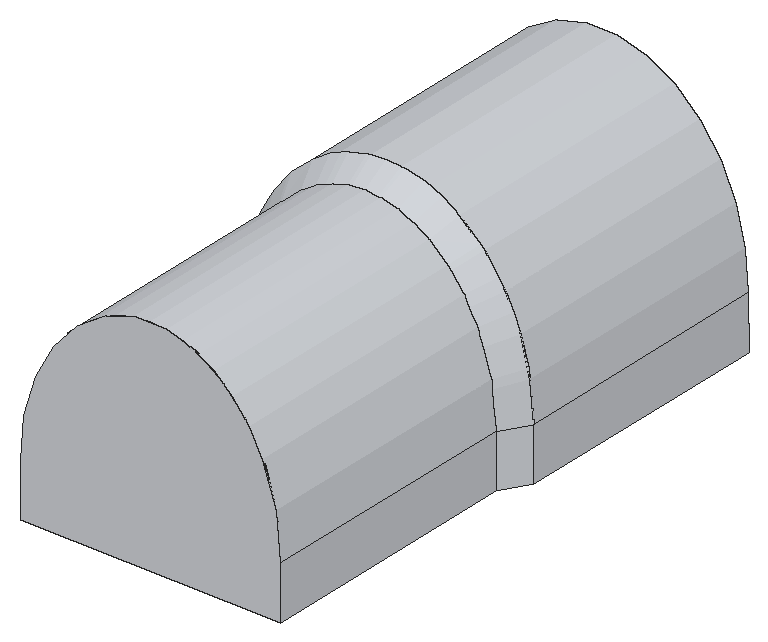
Revit family "Domotics-DomesticRanges-GEWISS-27COMBI_SYSTEM-IP65_PHOTOCELL", category Modelli generici, host Superficie, Revit 2016
Family settings
  Host = Superficie
  Tipo di parte = Normale
  Può ospitare armatura = No
  Quota connettore circolare = Usa diametro
  Taglio con vuoti quando caricato = No
  Condiviso = No
  Punto di calcolo locali = No
Parameters (values of type "GW27432 - Photocell lighting control 2-200lux IP65")
  Version file RFA = "18.0"
  URL = "https://www.gewiss.com/ww/en"
  Treshold adjustment = "0 - 200 lux"
  Thermo-pressure with ball = "70 °C"
  Technical sheet = "https://www.gewiss.com/ww/en/search?q=GW27432"
  Standard = "EN 60669-2-1"
  Realized by GEWISS S.p.A. = ""
  Produttore = "GEWISS S.p.A."
  Output contacts = "1NO 16 A (AC1) 250 V ac"
  Outer dim. LxHxD (mm) = "55x106x45"
  Modello = "GW27432"
  Insulation class = "II"
  Installation temperature = "-25 +60 °C"
  Immagine tipo = GW27432.jpg
  Simbolo [instance] = yes
  IP degree = "IP65"
  IFC.TypeObject = ""
  IFC.ExportType = ""
  IFC.ExportAs = ""
  IDT = "09f7fde4-0fd3-4868-bfba-d57139335556"
  IDF = "ed953061-fc2c-4c9a-93d9-9e4612de92e8"
  Glow Wire Test = "650°C"
  Electrocod = "0143                "
  EAN code = "8011564827554"
  Distanza orizzontale del simbolo [instance] = 154.148 mm
  Distanza dal muro [instance] = 4.208 mm
  Default Elevation = 1219.2 mm
  Profondità = 45 mm
  Larghezza = 55 mm
  Descrizione = "PHOTOCELL LIGHTING CONTROL 2-200LUX IP65"
  Cornice simbolo [instance] = yes
  Catalogue Range = "27COMBI"
  Catalogue = "DOMOTICS"
  COBie.Tagnumber = ""
  COBie.CreatedOn = ""
  COBie.CreatebBy = ""
  COBie.ComponentRegisterItemID = ""
  COBie.Component.TagNumber = ""
  COBie.Component.Space = ""
  COBie.Component.SerialNumber = ""
  COBie.Component.InstallationDate = ""
  COBie.Component.Description = ""
  COBie.Component.BarCode = ""
  Altezza = 106 mm
Reference planes
  plane 1 "Centro (Fronte/Retro)": y = 0
  plane 2: z = 0
  plane 3 "Centro (Sinistra/Destra)": x = 0
  plane 4: x = -27.5
  plane 5: x = 27.5
  plane 6: y = 53
  plane 7: y = -53
  plane 8: z = 45
  plane 9: y = -2.5
  plane 10: y = 2.5
  plane 11: x = -154.148
Forms (mm)
  Extrusion 1, solid
    sketch origin (0, 0, 0) x (1, 0, 0) y (0, 0, 1)
      loop
        line (-27.5, 0) -> (27.5, 0) -> (27.5, 10)
        spline (27.5, 10) -> (26.563, 19.059) -> (23.816, 27.5) -> (19.445, 34.749) -> (13.75, 40.311) -> (7.118, 43.807) -> (0, 45) -> (-7.118, 43.807) -> (-13.75, 40.311) -> (-19.445, 34.749) -> (-23.816, 27.5) -> (-26.563, 19.059) -> (-27.5, 10)
        line (-27.5, 10) -> (-27.5, 0)
    from -53 to -2.5
  Extrusion 2, solid
    sketch origin (0, -53, 0) x (1, 0, 0) y (0, 0, 1)
      loop
        line (-24.5, 0) -> (24.5, 0) -> (24.5, 10)
        spline (24.5, 10) -> (23.62, 18.441) -> (21.084, 26.261) -> (17.084, 32.883) -> (11.974, 37.893) -> (6.149, 40.968) -> (0, 42) -> (-6.149, 40.968) -> (-11.974, 37.893) -> (-17.084, 32.883) -> (-21.084, 26.261) -> (-23.62, 18.441) -> (-24.5, 10)
        line (-24.5, 10) -> (-24.5, 0)
    from -50.5 to 0
  Blend 3, solid
    base sketch origin (0, 0, 0) x (1, 0, 0) y (0, 0, 1)
      loop
        spline (27.5, 10) -> (26.563, 19.059) -> (23.816, 27.5) -> (19.445, 34.749) -> (13.75, 40.311) -> (7.118, 43.807) -> (0, 45) -> (-7.118, 43.807) -> (-13.75, 40.311) -> (-19.445, 34.749) -> (-23.816, 27.5) -> (-26.563, 19.059) -> (-27.5, 10)
        line (-27.5, 10) -> (-27.5, 0) -> (27.5, 0) -> (27.5, 10)
    top sketch origin (0, 0, 0) x (1, 0, 0) y (0, 0, 1)
      loop
        line (-24.5, 0) -> (24.5, 0) -> (24.5, 10)
        spline (24.5, 10) -> (23.62, 18.441) -> (21.084, 26.261) -> (17.084, 32.883) -> (11.974, 37.893) -> (6.149, 40.968) -> (0, 42) -> (-6.149, 40.968) -> (-11.974, 37.893) -> (-17.084, 32.883) -> (-21.084, 26.261) -> (-23.62, 18.441) -> (-24.5, 10)
        line (-24.5, 10) -> (-24.5, 0)
    from -2.5 to 2.5
Cuts and joins
  joined: Extrusion 1, Extrusion 2, Blend 3
Lines and regions (mm)
  symbolic lines, not visible
    curve 1: line (417.587, 0, 326.381) -> (417.587, 0, 126.381)
    curve 2: line (417.587, 0, 126.381) -> (167.713, 0, 126.381)
    curve 3: line (167.713, 0, 126.381) -> (167.713, 0, 326.381)
    curve 4: line (417.587, 0, 226.381) -> (404.254, 0, 226.381)
    curve 5: line (181.047, 0, 226.381) -> (167.713, 0, 226.381)
    curve 6: line (312.865, 0, 201.672) -> (312.865, 0, 251.515)
    curve 7: line (332.086, 0, 201.591) -> (332.086, 0, 251.433)
    curve 8: line (332.086, 0, 251.433) -> (354.733, 0, 251.433)
    curve 9: line (354.733, 0, 251.433) -> (357.902, 0, 251.24)
    curve 10: line (357.902, 0, 251.24) -> (360.824, 0, 250.24)
    curve 11: line (360.824, 0, 250.24) -> (363.18, 0, 248.685)
    curve 12: line (363.18, 0, 248.685) -> (365.417, 0, 246.139)
    curve 13: line (365.417, 0, 246.139) -> (366.864, 0, 242.941)
    curve 14: line (366.864, 0, 242.941) -> (367.301, 0, 239.717)
    curve 15: line (367.301, 0, 239.717) -> (366.864, 0, 236.493)
    curve 16: line (366.864, 0, 236.493) -> (365.417, 0, 233.294)
    curve 17: line (365.417, 0, 233.294) -> (363.18, 0, 230.749)
    curve 18: line (363.18, 0, 230.749) -> (360.824, 0, 229.194)
    curve 19: line (360.824, 0, 229.194) -> (357.902, 0, 228.29)
    curve 20: line (357.902, 0, 228.29) -> (354.614, 0, 228.129)
    curve 21: line (354.614, 0, 228.129) -> (332.086, 0, 228.129)
    curve 22: line (370.62, 0, 201.591) -> (358.527, 0, 220.019)
    curve 23: line (358.527, 0, 220.019) -> (354.668, 0, 223.984)
    curve 24: line (354.668, 0, 223.984) -> (351.294, 0, 226.54)
    curve 25: line (351.294, 0, 226.54) -> (348.449, 0, 228.129)
    curve 26: line (386.24, 0, 298.434) -> (224.12, 0, 244.394)
    curve 27: line (224.12, 0, 244.394) -> (218.854, 0, 248.46)
    curve 28: line (218.854, 0, 248.46) -> (212.705, 0, 251.007)
    curve 29: line (212.705, 0, 251.007) -> (206.107, 0, 251.876)
    curve 30: line (206.107, 0, 251.876) -> (199.509, 0, 251.007)
    curve 31: line (199.509, 0, 251.007) -> (193.36, 0, 248.46)
    curve 32: line (193.36, 0, 248.46) -> (188.08, 0, 244.409)
    curve 33: line (188.08, 0, 244.409) -> (184.028, 0, 239.128)
    curve 34: line (184.028, 0, 239.128) -> (181.481, 0, 232.98)
    curve 35: line (181.481, 0, 232.98) -> (180.612, 0, 226.381)
    curve 36: line (180.612, 0, 226.381) -> (181.481, 0, 219.783)
    curve 37: line (181.481, 0, 219.783) -> (184.028, 0, 213.634)
    curve 38: line (184.028, 0, 213.634) -> (188.08, 0, 208.354)
    curve 39: line (188.08, 0, 208.354) -> (193.36, 0, 204.302)
    curve 40: line (193.36, 0, 204.302) -> (199.509, 0, 201.755)
    curve 41: line (199.509, 0, 201.755) -> (206.107, 0, 200.887)
    curve 42: line (206.107, 0, 200.887) -> (212.705, 0, 201.755)
    curve 43: line (212.705, 0, 201.755) -> (218.854, 0, 204.302)
    curve 44: line (218.854, 0, 204.302) -> (224.12, 0, 208.368)
    curve 45: line (224.12, 0, 208.368) -> (386.24, 0, 154.328)
    curve 46: line (386.24, 0, 154.328) -> (391.887, 0, 166.098)
    curve 47: line (391.887, 0, 166.098) -> (397.62, 0, 181.801)
    curve 48: line (397.62, 0, 181.801) -> (402.105, 0, 200.819)
    curve 49: line (402.105, 0, 200.819) -> (404.254, 0, 226.381)
    curve 50: line (404.254, 0, 226.381) -> (402.105, 0, 251.943)
    curve 51: line (402.105, 0, 251.943) -> (397.62, 0, 270.961)
    curve 52: line (397.62, 0, 270.961) -> (391.887, 0, 286.664)
    curve 53: line (391.887, 0, 286.664) -> (386.24, 0, 298.434)
  model lines, not visible
    curve 54: line (167.713, 0, 326.381) -> (417.587, 0, 326.381)
Dimensions and locks
  equal spacing: plane 5, plane 3 "Centro (Sinistra/Destra)", plane 4
  "Larghezza": plane 5 to plane 4
  equal spacing: plane 6, plane 1 "Centro (Fronte/Retro)", plane 7
  "Altezza": plane 6 to plane 7
  "Profondità": plane 8 to host face
  locked: plane 10 to plane 9 at 5
  equal spacing: plane 10, plane 1 "Centro (Fronte/Retro)", plane 9
  "Distanza orizzontale del simbolo": plane 11 to plane 3 "Centro (Sinistra/Destra)"
  aligned and locked: plane 2 to host face
  aligned and locked: level to host face
  aligned and locked: Extrusion 1 sketch curve to level
  aligned and locked: plane 6 to Extrusion 1
  aligned and locked: Extrusion 1 to plane 10
  aligned and locked: Blend 3 to Extrusion 1
  aligned and locked: Blend 3 to Extrusion 2
  aligned and locked: Blend 3 to plane 9
  aligned and locked: Extrusion 2 to plane 7
  aligned and locked: plane 11 to nested 1
Automatic sketch dimensions
  host sketch curve to host sketch curve = 2438.4 mm  (x2)
  Extrusion 1 sketch curve to plane 4 = 0 mm
  Extrusion 1 sketch curve to plane 3 "Centro (Sinistra/Destra)" = 0 mm
  Extrusion 1 sketch curve to Extrusion 1 sketch curve = 10 mm
  Extrusion 1 sketch curve to level = 25 mm
  Extrusion 2 sketch curve to level = 0 mm
  plane 4 to Extrusion 2 sketch curve = 3 mm
  Extrusion 2 sketch curve to Extrusion 2 sketch curve = 10 mm
  Extrusion 2 sketch curve to plane 5 = 3 mm
  Blend 3 sketch curve to plane 4 = 0 mm
  Blend 3 sketch curve to plane 5 = 0 mm
  Blend 3 sketch curve to level = 0 mm  (x2)
  Blend 3 sketch curve to Blend 3 sketch curve = 10 mm  (x2)
  Blend 3 sketch curve to level = 25 mm
  plane 4 to Blend 3 sketch curve = 3 mm
  Blend 3 sketch curve to plane 5 = 3 mm
Nested families
  nested 1: "RIVELCREPUSC" at (-154.148, 86.575, 0), Distanza dal muro <- "Distanza dal muro", BORDO ACCESO <- "Cornice simbolo", SIMBOLO <- "Simbolo", type "CREPUSCOLARE"
    with SIMBOLO yes, Distanza dal muro 4.208 mm, BORDO ACCESO yes
Definition of nested family "RIVELCREPUSC"
  Parameters (values of type "CREPUSCOLARE")
    SIMBOLO [instance] = yes
    Distanza dal muro [instance] = 4.208 mm
    BORDO ACCESO [instance] = yes
  Reference planes
    plane 1: y = 0
    plane 2: x = 0
  Dimensions and locks
    "Distanza dal muro": plane 1 to nested 1
    aligned and locked: plane 2 to nested 1
  Nested families
    nested 1: "RIVELCREPUSC_BASE" at (0, 4.208, 0), BORDO ACCESO <- "BORDO ACCESO", visible <- "SIMBOLO", type "CREPUSCOLARE"
      with BORDO ACCESO yes
  Definition of nested family "RIVELCREPUSC_BASE"
    Parameters (values of type "CREPUSCOLARE")
      TXT = "IR"
      Distanza dal muro = 4.208 mm
      BORDO ACCESO [instance] = yes
    Reference planes
      plane 1: y = 0
      plane 2: x = 0
    Lines and regions (mm)
      detail lines, visible <- "BORDO ACCESO"
        curve 1: line (-1, 2.5, 0) -> (1, 2.5, 0)
        curve 2: line (1, 2.5, 0) -> (1, 0, 0)
        curve 3: line (1, 0, 0) -> (-1, 0, 0)
        curve 4: line (-1, 0, 0) -> (-1, 2.5, 0)
        curve 5: line (-0.9, 2.4, 0) -> (0.9, 2.4, 0)
        curve 6: line (0.9, 2.4, 0) -> (0.9, 0.1, 0)
        curve 7: line (0.9, 0.1, 0) -> (-0.9, 0.1, 0)
        curve 8: line (-0.9, 0.1, 0) -> (-0.9, 2.4, 0)
      detail lines, visible <- "BORDO ACCESO", not visible
        curve 9: line (-1.743, 9.208, 0) -> (2.057, 9.208, 0)
        curve 10: line (2.057, 9.208, 0) -> (2.057, 4.208, 0)
        curve 11: line (2.057, 4.208, 0) -> (-1.743, 4.208, 0)
        curve 12: line (-1.743, 4.208, 0) -> (-1.743, 9.208, 0)
        curve 13: line (-1.543, 9.008, 0) -> (1.857, 9.008, 0)
        curve 14: line (1.857, 9.008, 0) -> (1.857, 4.408, 0)
        curve 15: line (1.857, 4.408, 0) -> (-1.543, 4.408, 0)
        curve 16: line (-1.543, 4.408, 0) -> (-1.543, 9.008, 0)
      detail lines
        curve 17: line (0.674, 1.757, 0) -> (-0.462, 1.379, 0)
        curve 18: line (0.674, 0.719, 0) -> (-0.462, 1.098, 0)
        curve 19: arc (0.674, 1.757, 0) -> (0.804, 1.238, 0) -> (0.674, 0.719, 0) r 1.103
        curve 20: arc (-0.462, 1.379, 0) -> (-0.804, 1.238, 0) -> (-0.462, 1.098, 0) r 0.2
    Text (mm)
      label "IR" at (0.461, 1.229, 0), shows "TXT"
    Dimensions and locks
      aligned and locked: curve 3 to plane 1
